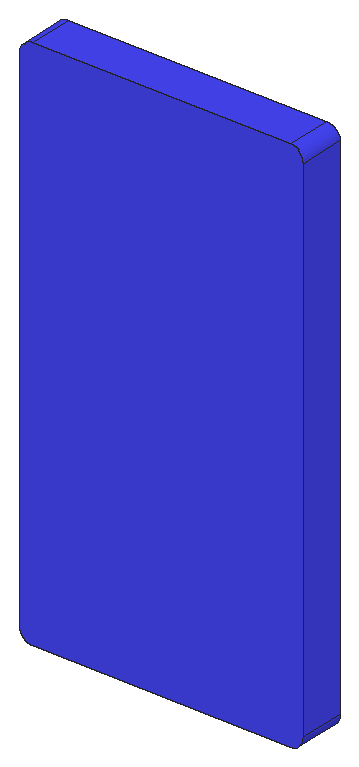
Revit family "Building-IEC309Connections-GEWISS-67IB-INTERLOCKED-SOCKET-OUTLETS_IP67_WITHOUT_BOTTOM_63A", category Apparecchi elettrici, host Muro, Revit 2016 (continued)
Definition of nested family "2D - IB PRESE INTERBLOC VERT NO FONDO 63A IP67"
  Lines and regions (mm)
    model lines, in view "Livello rif."
      curve 247: line (6.83, 245.636, 0) -> (6.641, 245.582, 0)
      curve 248: line (27.14, 237.517, 0) -> (27.287, 237.347, 0)
      curve 249: line (27.287, 237.347, 0) -> (27.421, 237.155, 0)
      curve 250: line (27.421, 237.155, 0) -> (27.586, 236.865, 0)
      curve 251: arc (-7.017, 180.944, 0) -> (-7.693, 189.475, 0) -> (-9.704, 197.794, 0) r 54.183
      curve 252: arc (-6.23, 171.458, 0) -> (0, 170.789, 0) -> (6.23, 171.458, 0) r 29.316
      curve 253: arc (9.704, 197.794, 0) -> (7.691, 189.465, 0) -> (7.017, 180.923, 0) r 54.183
      curve 254: arc (10.015, 198.717, 0) -> (9.857, 198.256, 0) -> (9.704, 197.794, 0) r 53.759
      curve 255: arc (10.015, 198.717, 0) -> (10.236, 200.104, 0) -> (9.964, 201.483, 0) r 4.001
      curve 256: arc (5.574, 224.985, 0) -> (6.667, 213.028, 0) -> (9.964, 201.483, 0) r 64.271
      curve 257: arc (-9.964, 201.483, 0) -> (-6.667, 213.028, 0) -> (-5.574, 224.985, 0) r 64.271
      curve 258: arc (-9.964, 201.483, 0) -> (-10.236, 200.104, 0) -> (-10.015, 198.717, 0) r 4.001
      curve 259: arc (-9.704, 197.794, 0) -> (-9.857, 198.256, 0) -> (-10.015, 198.717, 0) r 53.759
      curve 260: spline (-7.017, 172.435, 0) -> (-7.011, 172.322, 0) -> (-6.992, 172.211, 0) -> (-6.96, 172.102, 0) -> (-6.917, 171.998, 0) -> (-6.861, 171.9, 0) -> (-6.796, 171.808, 0) -> (-6.72, 171.724, 0) -> (-6.635, 171.649, 0) -> (-6.543, 171.584, 0) -> (-6.443, 171.531, 0) -> (-6.338, 171.488, 0) -> (-6.23, 171.458, 0)
      curve 261: spline (6.23, 171.458, 0) -> (6.338, 171.488, 0) -> (6.443, 171.531, 0) -> (6.543, 171.584, 0) -> (6.635, 171.649, 0) -> (6.72, 171.724, 0) -> (6.796, 171.808, 0) -> (6.861, 171.9, 0) -> (6.917, 171.998, 0) -> (6.96, 172.102, 0) -> (6.992, 172.211, 0) -> (7.011, 172.322, 0) -> (7.017, 172.435, 0)
      curve 262: line (-7.017, 180.944, 0) -> (-7.017, 172.435, 0)
      curve 263: line (7.017, 180.923, 0) -> (7.017, 172.435, 0)
      curve 264: line (5.607, 231.591, 0) -> (5.574, 224.985, 0)
      curve 265: line (-5.607, 231.591, 0) -> (-5.574, 224.985, 0)
Types (11, lengths in mm): name | Tipo Simbolo | Technical sheet | Reference h | Rated voltage: | Rated voltage | Presa | Potenza | Numero poli | Number of poles | No. of poles | Modello | Immagine tipo | IDT | EAN code | Descrizione | Colour: | Colour
  GW67356N - 63A 2P+E 110V V.INT.SOCK.O.N.B.4H SBF | PRESAINDSTAGNA : 2P | "https://www.gewiss.com/ww/en/search?q=GW67356N" | "4" | "100 - 130 V" | "100 - 130 V" | GEWISS - GIALLO | 110 V | 2 | "2P+E" | "2P+E" | "GW67356N" | GW67356N.jpg | "26c39419-d3e0-4930-9803-9abcb1c1a306" | "8011564742376" | "63A 2P+E 110V V.INT.SOCK.O.N.B.4H SBF" | "Yellow" | "Yellow"
  GW67357N - 63A 3P+E 110V V.INT.SOCK.O.N.B.4H SBF | PRESAINDSTAGNA : 3P | "https://www.gewiss.com/ww/en/search?q=GW67357N" | "4" | "100 - 130 V" | "100 - 130 V" | GEWISS - GIALLO | 110 V | 3 | "3P+E" | "3P+E" | "GW67357N" | GW67356N.jpg | "5f02d633-e34b-40a4-a35e-811170157fda" | "8011564742383" | "63A 3P+E 110V V.INT.SOCK.O.N.B.4H SBF" | "Yellow" | "Yellow"
  GW67358N - 63A 3P+N+E 110V V.INT.SOCK.O.N.B.4H SBF | PRESAINDSTAGNA : 3P | "https://www.gewiss.com/ww/en/search?q=GW67358N" | "4" | "100 - 130 V" | "100 - 130 V" | GEWISS - GIALLO | 110 V | 3 | "3P+N+E" | "3P+N+E" | "GW67358N" | GW67356N.jpg | "93eb2776-fcce-4b19-b5dd-6011ab25fb3d" | "8011564742390" | "63A 3P+N+E 110V V.INT.SOCK.O.N.B.4H SBF" | "Yellow" | "Yellow"
  GW67359N - 63A 2P+E 220V V.INT.SOCK.O.N.B.6H SBF | PRESAINDSTAGNA : 2P | "https://www.gewiss.com/ww/en/search?q=GW67359N" | "6" | "200 - 250 V" | "200 - 250 V" | GEWISS -BLU | 230 V | 2 | "2P+E" | "2P+E" | "GW67359N" | GW67359N.jpg | "1ff93a93-9cc6-40fb-bdfa-01e282e61db8" | "8011564742406" | "63A 2P+E 220V V.INT.SOCK.O.N.B.6H SBF" | "Blue" | "Blue"
  GW67360N - 63A 3P+E 220V V.INT.SOCK.O.N.B.9H SBF | PRESAINDSTAGNA : 3P | "https://www.gewiss.com/ww/en/search?q=GW67360N" | "9" | "200 - 250 V" | "200 - 250 V" | GEWISS -BLU | 230 V | 3 | "3P+E" | "3P+E" | "GW67360N" | GW67359N.jpg | "ade45149-52f5-4abe-a77b-9372e4a2410f" | "8011564742413" | "63A 3P+E 220V V.INT.SOCK.O.N.B.9H SBF" | "Blue" | "Blue"
  GW67361N - 63A 3P+N+E 220V V.INT.SOCK.O.N.B.9H SBF | PRESAINDSTAGNA : 3P | "https://www.gewiss.com/ww/en/search?q=GW67361N" | "9" | "200 - 250 V" | "200 - 250 V" | GEWISS -BLU | 230 V | 3 | "3P+N+E" | "3P+N+E" | "GW67361N" | GW67359N.jpg | "71f62e0c-8f33-40b9-ad90-9193a196b102" | "8011564742420" | "63A 3P+N+E 220V V.INT.SOCK.O.N.B.9H SBF" | "Blue" | "Blue"
  GW67362N - 63A 2P+E 380V V.INT.SOCK.O.N.B.9H SBF | PRESAINDSTAGNA : 2P | "https://www.gewiss.com/ww/en/search?q=GW67362N" | "9" | "380 - 415 V" | "380 - 415 V" | GW - ROSSO | 400 V | 2 | "2P+E" | "2P+E" | "GW67362N" | GW67362N.jpg | "43f2eb15-7a04-4c0a-9d15-f667176e4462" | "8011564742437" | "63A 2P+E 380V V.INT.SOCK.O.N.B.9H SBF" | "Red" | "Red"
  GW67363N - 63A 3P+E 380V V.INT.SOCK.O.N.B.6H SBF | PRESAINDSTAGNA : 3P | "https://www.gewiss.com/ww/en/search?q=GW67363N" | "6" | "380 - 415 V" | "380 - 415 V" | GW - ROSSO | 400 V | 3 | "3P+E" | "3P+E" | "GW67363N" | GW67362N.jpg | "d5356561-e4a9-44be-92cc-860c7b09878b" | "8011564742444" | "63A 3P+E 380V V.INT.SOCK.O.N.B.6H SBF" | "Red" | "Red"
  GW67364N - 63A 3P+N+E 380V V.INT.SOCK.O.N.B.6H SBF | PRESAINDSTAGNA : 3P | "https://www.gewiss.com/ww/en/search?q=GW67364N" | "6" | "380 - 415 V" | "380 - 415 V" | GW - ROSSO | 400 V | 3 | "3P+N+E" | "3P+N+E" | "GW67364N" | GW67362N.jpg | "e556fdd2-c85e-410a-8ddd-4bf9f2b33c7f" | "8011564742451" | "63A 3P+N+E 380V V.INT.SOCK.O.N.B.6H SBF" | "Red" | "Red"
  GW67365N - 63A 3P+E 500V V.INT.SOCK.O.N.B.7H SBF | PRESAINDSTAGNA : 3P | "https://www.gewiss.com/ww/en/search?q=GW67365N" | "7" | "480 - 500 V" | "480 - 500 V" | GEWISS - NERO | 500 V | 3 | "3P+E" | "3P+E" | "GW67365N" | GW67365N.jpg | "db613e6f-1299-4c04-8b3a-9093451a3381" | "8011564742468" | "63A 3P+E 500V V.INT.SOCK.O.N.B.7H SBF" | "Black" | "Black"
  GW67366N - 63A 3P+N+E 500V V.INT.SOCK.O.N.B.7H SBF | PRESAINDSTAGNA : 3P | "https://www.gewiss.com/ww/en/search?q=GW67366N" | "7" | "480 - 500 V" | "480 - 500 V" | GEWISS - NERO | 500 V | 3 | "3P+N+E" | "3P+N+E" | "GW67366N" | GW67365N.jpg | "3210f2e1-5490-4980-ba84-a365430e0752" | "8011564742475" | "63A 3P+N+E 500V V.INT.SOCK.O.N.B.7H SBF" | "Black" | "Black"
